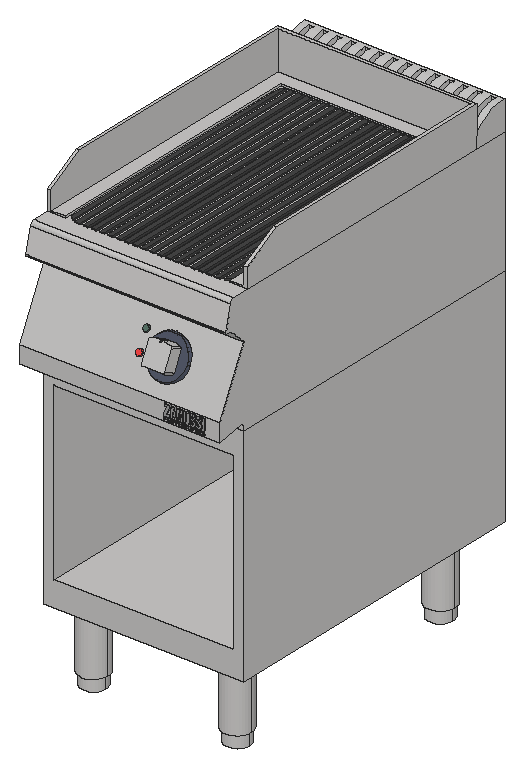
Revit family "QF_ZANUSSI_372342_Z7IILDBLMCA", category Specialty Equipment, Revit 2018
Family settings
  Round Connector Dimension = Use Diameter
  Part Type = Normal
  Work Plane-Based = No
  Always vertical = Yes
  Cut with Voids When Loaded = No
  Shared = No
  Room Calculation Point = No
Parameters (values of type "Standard")
  Weight = 50.00 kg
  Watts = 0 W
  Volts = 400 V
  URL Manufacturer = "http://www.zanussiprofessional.com"
  URL = "http://www.zanussiprofessional.com"
  Steam Supply Size = 0"
  Steam Supply Minimum Pressure = 0.00 psi
  Steam Supply Maximum Pressure = 0.00 psi
  Steam Pounds per Hour = 0
  Show Logo [instance] = yes
  Show Clearance [instance] = yes
  Refrigeration Suction Line Size = 0"
  Refrigeration Liquid Line Size = 0"
  Refrigerant Compressor Remote = yes
  Phase = 3
  Model = "Z7IILDBLMCA"
  Manufacturer = "Zanussi"
  Length Actual = 400.00 mm  # constant formula
  Item Number = "372342"
  Hot Water Size = 0"
  Height Actual = 850.00 mm  # constant formula
  HP = "5.6 HP"
  Gas Size = 0"
  Gas KW = 0
  Gas Input Pressure = 0.0 Btu/h
  Direct Waste Size = 0"
  Description = "ELECTRIC FRY TOP-RIBBED PLATE+OPEN BASE 400MM-BRUSHED CHROME"
  Depth Actual = 700.00 mm  # constant formula
  Cycle = 60 Hz
  Condensate Return Size = 0"
  Compressed Air Volume = 0 GPM
  Compressed Air Size = 0"
  Compressed Air Pressure = 0.00 psi
  Cold Water Size = 0"
  Assembly Code = ""
  Accessory = yes
Reference planes
  plane 1 "BACK": y = 0
  plane 2: z = 0
  plane 3 "LEFT": x = 0
  plane 4 "RIGHT": x = 400
  plane 5 "FRONT": y = -715
  plane 6 "TOP": z = 288.925
  plane 7 "Center Y": x = 200
  plane 8 "Center X": y = -357.5
  plane 9 "BASE": z = 600
  plane 10 "TOP A": z = 850
  plane 11: y = -597.884
  plane 12: y = -147.637
  plane 13: z = 930
  plane 14: through (-6096, -715, 65.146) normal (0, 0.8956, -0.4448)
  plane 15 "panel": through (-6096, -655.161, 185.641) normal (0, -0.8956, 0.4448)
  plane 16: z = 850
Forms (mm)
  Extrusion 1, solid, material "QF_Finishes_Stainless Steel"
    sketch origin (0, 0, 576) x (0, 1, 0) y (0, 0, 1)
      loop
        line (0, 24) -> (0, 273) -> (-679.358, 273)
        arc (-679.358, 273) -> (-684.643, 270.811) -> (-686.833, 265.526) r 7.474
        line (-686.833, 265.526) -> (-699.884, 220.011)
        arc (-699.884, 220.011) -> (-699.396, 217.379) -> (-697, 216.184) r 3
        line (-697, 216.184) -> (-686.802, 216.184) -> (-654.982, 184.364) -> (-715, 64.508) -> (-715, 29.508) -> (-658.645, 37.428)
        arc (-658.645, 37.428) -> (-656.101, 36.674) -> (-655, 34.259) r 3.2
        line (-655, 34.259) -> (-655, 24) -> (0, 24)
    from 0 to 400
  Extrusion 2, void
    sketch origin (0, -2.381, 850) x (-1, 0, 0) y (0, -1, 0)
      loop
        arc (-60.425, 102.504) -> (-42.464, 109.943) -> (-35.025, 127.904) r 25.4
        line (-35.025, 127.904) -> (-35.025, 617.104)
        arc (-35.025, 617.104) -> (-42.464, 635.064) -> (-60.425, 642.504) r 25.4
        line (-60.425, 642.504) -> (-339.575, 642.504)
        arc (-339.575, 642.504) -> (-357.536, 635.064) -> (-364.975, 617.104) r 25.4
        line (-364.975, 617.104) -> (-364.975, 127.904)
        arc (-364.975, 127.904) -> (-357.536, 109.943) -> (-339.575, 102.504) r 25.4
        line (-339.575, 102.504) -> (-60.425, 102.504)
    from 0 to -3.2
  Extrusion 3, solid, material "QF_Finishes_Clearance", visible <- "Show Clearance", detail levels coarse
    sketch origin (0, 0, 575) x (1, 0, 0) y (0, 1, 0)
      loop
        line (0, -715) -> (0, 0) -> (400, 0) -> (400, -715) -> (500, -715) -> (500, 100) -> (-100, 100) -> (-100, -715) -> (0, -715)
    from -575 to 355
  Extrusion 4, solid, material "QF_Finishes_Stainless Steel"
    sketch origin (0, 0, 576) x (0, 1, 0) y (0, 0, 1)
      loop
        line (0, 274) -> (0, 333.13)
        arc (0, 333.13) -> (-38.824, 324.814) -> (-69.85, 300.038) r 86.548
        line (-69.85, 300.038) -> (-69.85, 274) -> (0, 274)
    from 0 to 400.05
  Extrusion 5, void
    sketch origin (0, 0, 850.638) x (-1, 0, 0) y (0, -1, 0)
      loop
        line (-13.453, 6.761) -> (-13.453, 63.911) -> (-22.749, 63.911) -> (-22.749, 6.761) -> (-13.453, 6.761)
    from 25.4 to 63.5
  Extrusion 6, void
    sketch origin (400.05, 0, 850.638) x (1, 0, 0) y (0, 1, 0)
      loop
        line (-13.503, -6.761) -> (-22.799, -6.761) -> (-22.799, -63.911) -> (-13.503, -63.911) -> (-13.503, -6.761)
    from 25.4 to 63.5
  Extrusion 7, void
    sketch origin (27.988, 0, 850.638) x (-1, 0, 0) y (0, -1, 0)
      loop
        line (-13.453, 6.761) -> (-13.453, 63.911) -> (-22.749, 63.911) -> (-22.749, 6.761) -> (-13.453, 6.761)
    from 25.4 to 63.5
  Extrusion 8, void
    sketch origin (55.977, 0, 850.638) x (-1, 0, 0) y (0, -1, 0)
      loop
        line (-13.453, 6.761) -> (-13.453, 63.911) -> (-22.749, 63.911) -> (-22.749, 6.761) -> (-13.453, 6.761)
    from 25.4 to 63.5
  Extrusion 9, void
    sketch origin (83.965, 0, 850.638) x (-1, 0, 0) y (0, -1, 0)
      loop
        line (-13.428, 6.761) -> (-13.428, 63.911) -> (-22.724, 63.911) -> (-22.724, 6.761) -> (-13.428, 6.761)
    from 25.4 to 63.5
  Extrusion 10, void
    sketch origin (111.953, 0, 850.638) x (-1, 0, 0) y (0, -1, 0)
      loop
        line (-13.428, 6.761) -> (-13.428, 63.911) -> (-22.724, 63.911) -> (-22.724, 6.761) -> (-13.428, 6.761)
    from 25.4 to 63.5
  Extrusion 11, void
    sketch origin (139.942, 0, 850.638) x (-1, 0, 0) y (0, -1, 0)
      loop
        line (-13.428, 6.761) -> (-13.428, 63.911) -> (-22.724, 63.911) -> (-22.724, 6.761) -> (-13.428, 6.761)
    from 25.4 to 63.5
  Extrusion 12, void
    sketch origin (167.93, 0, 850.638) x (-1, 0, 0) y (0, -1, 0)
      loop
        line (-13.428, 6.761) -> (-13.428, 63.911) -> (-22.724, 63.911) -> (-22.724, 6.761) -> (-13.428, 6.761)
    from 25.4 to 63.5
  Extrusion 13, void
    sketch origin (195.918, 0, 850.638) x (-1, 0, 0) y (0, -1, 0)
      loop
        line (-13.428, 6.761) -> (-13.428, 63.911) -> (-22.724, 63.911) -> (-22.724, 6.761) -> (-13.428, 6.761)
    from 25.4 to 63.5
  Extrusion 14, void
    sketch origin (223.907, 0, 850.638) x (-1, 0, 0) y (0, -1, 0)
      loop
        line (-13.428, 6.761) -> (-13.428, 63.911) -> (-22.724, 63.911) -> (-22.724, 6.761) -> (-13.428, 6.761)
    from 25.4 to 63.5
  Extrusion 15, void
    sketch origin (251.895, 0, 850.638) x (-1, 0, 0) y (0, -1, 0)
      loop
        line (-13.428, 6.761) -> (-13.428, 63.911) -> (-22.724, 63.911) -> (-22.724, 6.761) -> (-13.428, 6.761)
    from 25.4 to 63.5
  Extrusion 16, void
    sketch origin (279.884, 0, 850.638) x (-1, 0, 0) y (0, -1, 0)
      loop
        line (-13.403, 6.761) -> (-13.403, 63.911) -> (-22.699, 63.911) -> (-22.699, 6.761) -> (-13.403, 6.761)
    from 25.4 to 63.5
  Extrusion 17, void
    sketch origin (307.872, 0, 850.638) x (-1, 0, 0) y (0, -1, 0)
      loop
        line (-13.403, 6.761) -> (-13.403, 63.911) -> (-22.699, 63.911) -> (-22.699, 6.761) -> (-13.403, 6.761)
    from 25.4 to 63.5
  Extrusion 18, void
    sketch origin (335.86, 0, 850.638) x (-1, 0, 0) y (0, -1, 0)
      loop
        line (-13.403, 6.761) -> (-13.403, 63.911) -> (-22.699, 63.911) -> (-22.699, 6.761) -> (-13.403, 6.761)
    from 25.4 to 63.5
  Sweep 19, solid, material "QF_Finishes_Stainless Steel"
    path origin (0, -2.381, 850) x (-1, 0, 0) y (0, -1, 0)
      loop
        line (-364.975, 642.504) -> (-364.975, 102.504) -> (-35.025, 102.504) -> (-35.025, 642.504)
    profile origin (35.025, -374.885, 850) x (1, 0, 0) y (0, 0, 1)
      loop
        line (-35.025, 0) -> (0, 0) -> (0, 3.175) -> (-28.675, 3.175) -> (-28.675, 80) -> (-35.025, 80) -> (-35.025, 0)
  Extrusion 20, void
    sketch origin (0, -69.86, 850) x (0, 1, 0) y (0, 0, 1)
      loop
        line (-575.025, 40.481) -> (-501.995, 80) -> (-575.025, 80) -> (-575.025, 40.481)
    from 0 to 6.35
  Extrusion 21, void
    sketch origin (400, -644.885, 850) x (0, -1, 0) y (0, 0, 1)
      loop
        line (0, 40.481) -> (0, 80) -> (-73.03, 80) -> (0, 40.481)
    from 0 to 6.35
  Extrusion 22, solid, material "QF_Finishes_Black"
    sketch origin (12.5, -715, 576) x (1, 0, 0) y (0, 0, 1)
      loop
        line (51.525, 274) -> (42.525, 274) -> (42.525, 270.8) -> (51.525, 270.8) -> (51.525, 274)
    from -610.115 to -70.115
  Extrusion 23, solid, material "QF_Finishes_Black"
    sketch origin (29, -715, 576) x (1, 0, 0) y (0, 0, 1)
      loop
        line (51.525, 274) -> (42.525, 274) -> (42.525, 270.8) -> (51.525, 270.8) -> (51.525, 274)
    from -610.115 to -70.115
  Extrusion 24, solid, material "QF_Finishes_Black"
    sketch origin (45.5, -715, 576) x (1, 0, 0) y (0, 0, 1)
      loop
        line (51.525, 274) -> (42.525, 274) -> (42.525, 270.8) -> (51.525, 270.8) -> (51.525, 274)
    from -610.115 to -70.115
  Extrusion 25, solid, material "QF_Finishes_Black"
    sketch origin (62, -715, 576) x (1, 0, 0) y (0, 0, 1)
      loop
        line (51.5, 274) -> (42.5, 274) -> (42.5, 270.8) -> (51.5, 270.8) -> (51.5, 274)
    from -610.115 to -70.115
  Extrusion 26, solid, material "QF_Finishes_Black"
    sketch origin (78.5, -715, 576) x (1, 0, 0) y (0, 0, 1)
      loop
        line (51.5, 274) -> (42.5, 274) -> (42.5, 270.8) -> (51.5, 270.8) -> (51.5, 274)
    from -610.115 to -70.115
  Extrusion 27, solid, material "QF_Finishes_Black"
    sketch origin (95, -715, 576) x (1, 0, 0) y (0, 0, 1)
      loop
        line (51.5, 274) -> (42.5, 274) -> (42.5, 270.8) -> (51.5, 270.8) -> (51.5, 274)
    from -610.115 to -70.115
  Extrusion 28, solid, material "QF_Finishes_Black"
    sketch origin (111.5, -715, 576) x (1, 0, 0) y (0, 0, 1)
      loop
        line (51.5, 274) -> (42.5, 274) -> (42.5, 270.8) -> (51.5, 270.8) -> (51.5, 274)
    from -610.115 to -70.115
  Extrusion 29, solid, material "QF_Finishes_Black"
    sketch origin (128, -715, 576) x (1, 0, 0) y (0, 0, 1)
      loop
        line (51.5, 274) -> (42.5, 274) -> (42.5, 270.8) -> (51.5, 270.8) -> (51.5, 274)
    from -610.115 to -70.115
  Extrusion 30, solid, material "QF_Finishes_Black"
    sketch origin (144.5, -715, 576) x (1, 0, 0) y (0, 0, 1)
      loop
        line (51.5, 274) -> (42.5, 274) -> (42.5, 270.8) -> (51.5, 270.8) -> (51.5, 274)
    from -610.115 to -70.115
  Extrusion 31, solid, material "QF_Finishes_Black"
    sketch origin (161, -715, 576) x (1, 0, 0) y (0, 0, 1)
      loop
        line (51.5, 274) -> (42.5, 274) -> (42.5, 270.8) -> (51.5, 270.8) -> (51.5, 274)
    from -610.115 to -70.115
  Extrusion 32, solid, material "QF_Finishes_Black"
    sketch origin (177.5, -715, 576) x (1, 0, 0) y (0, 0, 1)
      loop
        line (51.5, 274) -> (42.5, 274) -> (42.5, 270.8) -> (51.5, 270.8) -> (51.5, 274)
    from -610.115 to -70.115
  Extrusion 33, solid, material "QF_Finishes_Black"
    sketch origin (194, -715, 576) x (1, 0, 0) y (0, 0, 1)
      loop
        line (51.5, 274) -> (42.5, 274) -> (42.5, 270.8) -> (51.5, 270.8) -> (51.5, 274)
    from -610.115 to -70.115
  Extrusion 34, solid, material "QF_Finishes_Black"
    sketch origin (210.5, -715, 576) x (1, 0, 0) y (0, 0, 1)
      loop
        line (51.5, 274) -> (42.5, 274) -> (42.5, 270.8) -> (51.5, 270.8) -> (51.5, 274)
    from -610.115 to -70.115
  Extrusion 35, solid, material "QF_Finishes_Black"
    sketch origin (227, -715, 576) x (1, 0, 0) y (0, 0, 1)
      loop
        line (51.5, 274) -> (42.5, 274) -> (42.5, 270.8) -> (51.5, 270.8) -> (51.5, 274)
    from -610.115 to -70.115
  Extrusion 36, solid, material "QF_Finishes_Black"
    sketch origin (243.5, -715, 576) x (1, 0, 0) y (0, 0, 1)
      loop
        line (51.5, 274) -> (42.5, 274) -> (42.5, 270.8) -> (51.5, 270.8) -> (51.5, 274)
    from -610.115 to -70.115
  Extrusion 37, solid, material "QF_Finishes_Black"
    sketch origin (260, -715, 576) x (1, 0, 0) y (0, 0, 1)
      loop
        line (51.475, 274) -> (42.475, 274) -> (42.475, 270.8) -> (51.475, 270.8) -> (51.475, 274)
    from -610.115 to -70.115
  Extrusion 38, solid, material "QF_Finishes_Black"
    sketch origin (276.5, -715, 576) x (1, 0, 0) y (0, 0, 1)
      loop
        line (51.475, 274) -> (42.475, 274) -> (42.475, 270.8) -> (51.475, 270.8) -> (51.475, 274)
    from -610.115 to -70.115
  Extrusion 39, solid, material "QF_Finishes_Black"
    sketch origin (293, -715, 576) x (1, 0, 0) y (0, 0, 1)
      loop
        line (51.475, 274) -> (42.475, 274) -> (42.475, 270.8) -> (51.475, 270.8) -> (51.475, 274)
    from -610.115 to -70.115
  Extrusion 40, solid, material "QF_Finishes_Black"
    sketch origin (-1000, 0, 575.362) x (1, 0, 0) y (0, 1, 0)
      loop
        line (1047.525, -641.365) -> (1047.525, -108.404)
        arc (1047.525, -108.404) -> (1042.451, -112.338) -> (1038.525, -117.418) r 25.4
        line (1038.525, -117.418) -> (1038.525, -632.351)
        arc (1038.525, -632.351) -> (1042.451, -637.432) -> (1047.525, -641.365) r 25.4
      loop
        arc (1351.975, -641.652) -> (1356.999, -637.966) -> (1360.975, -633.167) r 25.4
        line (1360.975, -633.167) -> (1360.975, -116.603)
        arc (1360.975, -116.603) -> (1356.999, -111.804) -> (1351.975, -108.117) r 25.4
        line (1351.975, -108.117) -> (1351.975, -641.652)
    from 271.438 to 274.638
  Blend 41, solid, material "QF_Finishes_Navy Blue"
    base sketch origin (275, -684.991, 701.574) x (1, 0, 0) y (0, 0.444781, 0.895639)
      loop
        circle (0, 0) r 42.5
    top sketch origin (275, -684.991, 701.574) x (1, 0, 0) y (0, 0.444781, 0.895639)
      loop
        circle (0, 0) r 40.5
    from 0 to 5
  Extrusion 42, solid, material "QF_Finishes_Stainless Steel"
    sketch origin (275, -684.991, 701.574) x (1, 0, 0) y (0, 0.444781, 0.895639)
      loop
        arc (-21.147, 22.789) -> (-22.494, 21.685) -> (-23, 20.019) r 2.997
        line (-23, 20.019) -> (-23, -20.019)
        arc (-23, -20.019) -> (-22.122, -22.138) -> (-20.003, -23.016) r 2.997
        line (-20.003, -23.016) -> (20.003, -23.016)
        arc (20.003, -23.016) -> (22.122, -22.138) -> (23, -20.019) r 2.997
        line (23, -20.019) -> (23, 20.019)
        arc (23, 20.019) -> (22.494, 21.685) -> (21.147, 22.789) r 2.997
        arc (21.147, 22.789) -> (0, 26.984) -> (-21.147, 22.789) r 55.4
    from 10 to 34
  Extrusion 43, solid, material "QF_Plastic-Black-Matte"
    sketch origin (355, -684.991, 701.574) x (0, 0.444781, 0.895639) y (0, -0.895639, 0.444781)
      loop
        line (26.984, 34) -> (26.984, 19) -> (27.984, 19) -> (27.984, 34)
        arc (27.984, 34) -> (27.691, 34.707) -> (26.984, 35) r 1
        line (26.984, 35) -> (23.984, 35) -> (23.984, 34) -> (26.984, 34)
    from -81 to -79
  Extrusion 44, solid, material "QF_Finishes_Red"
    sketch origin (275, -689.439, 692.617) x (1, 0, 0) y (0, 0.444781, 0.895639)
      loop
        circle (-55.001, 0) r 6
    from 0 to 1.6
  Extrusion 45, solid, material "QF_Finishes_Stainless Steel"
    sketch origin (275, -684.991, 701.574) x (1, 0, 0) y (0, 0.444781, 0.895639)
      loop
        line (17.5, 17.5) -> (-17.5, 17.5) -> (-17.5, -17.5) -> (17.5, -17.5) -> (17.5, 17.5)
    from 5 to 10
  Extrusion 46, solid, material "QF_Finishes_DarkGreen"
    sketch origin (275, -671.648, 728.443) x (1, 0, 0) y (0, 0.444781, 0.895639)
      loop
        circle (-55.001, 0) r 6
    from 0 to 1.6
  Extrusion 47, solid, material "QF_Finishes_Stainless Steel"
    sketch origin (-399.95, 0, 139) x (1, 0, 0) y (0, 1, 0)
      loop
        circle (748, -29) r 10
      loop
        circle (748, -506) r 10
    from 0 to 10
  Extrusion 48, solid, material "QF_Finishes_Stainless Steel"
    sketch origin (0, 0, 0) x (1, 0, 0) y (0, 1, 0)
      loop
        line (0, 0) -> (0, -655) -> (400, -655) -> (400, 0) -> (0, 0)
    from 149 to 600
  Extrusion 49, void
    sketch origin (418.77, -655, 0) x (1, 0, 0) y (0, 0, -1)
      loop
        line (-398.77, -199) -> (-398.77, -550) -> (-38.77, -550) -> (-38.77, -199) -> (-398.77, -199)
    from 0 to 507.363
Cuts and joins
  Extrusion 2 cuts Extrusion 1
  Extrusion 5, Extrusion 6, Extrusion 7, Extrusion 8, Extrusion 9, Extrusion 10, Extrusion 11, Extrusion 12, Extrusion 13, Extrusion 14, Extrusion 15, Extrusion 16, Extrusion 17, Extrusion 18 cuts Extrusion 4
  Extrusion 20, Extrusion 21 cuts Sweep 19
  Extrusion 49 cuts Extrusion 48
Lines and regions (mm)
  Split face 1
    outline origin (276.664, -684.796, 713.208) x (1, 0, 0) y (0, 0.444781, 0.895639)
      loop
        circle (-34, 0) r 1.5
  Split face 2
    outline origin (273.297, -687.581, 707.6) x (1, 0, 0) y (0, 0.444781, 0.895639)
      loop
        circle (-30.633, -14.752) r 1.5
  Split face 3
    outline origin (276.214, -689.88, 702.97) x (1, 0, 0) y (0, 0.444781, 0.895639)
      loop
        circle (-21.199, -26.582) r 1.5
  Split face 4
    outline origin (282.566, -689.848, 703.034) x (1, 0, 0) y (0, 0.444781, 0.895639)
      loop
        circle (-7.566, -33.148) r 1.5
  Split face 5
    outline origin (287.419, -686.96, 708.85) x (1, 0, 0) y (0, 0.444781, 0.895639)
      loop
        circle (7.566, -33.148) r 1.5
  Split face 6
    outline origin (286.137, -682.319, 718.196) x (1, 0, 0) y (0, 0.444781, 0.895639)
      loop
        circle (21.199, -26.582) r 1.5
  Split face 7
    outline origin (276.5, -678.264, 726.361) x (1, 0, 0) y (0, 0.444781, 0.895639)
      loop
        circle (30.633, -14.752) r 1.5
  Split face 8
    outline origin (260.985, -677.235, 728.433) x (1, 0, 0) y (0, 0.444781, 0.895639)
      loop
        circle (34, 0) r 1.5
  Split face 9
    outline origin (275, -689.469, 703.797) x (1, 0, 0) y (0, 0.444781, 0.895639)
      loop
        circle (0, 33.561) r 1.5
  symbolic lines, style "QF-Clearances", visible <- "Show Clearance", detail levels coarse
    curve 1: line (-100, 100, 850) -> (-100, -715, 850)
    curve 2: line (500, 100, 850) -> (-100, 100, 850)
    curve 3: line (500, -716.377, 850) -> (500, 100, 850)
  symbolic lines
    curve 4: line (0, 0, 850) -> (400, 0, 850)
    curve 5: line (0, -715, 850) -> (0, 0, 850)
    curve 6: line (400, 0, 850) -> (400, -715, 850)
    curve 7: line (35.025, -130.285, 850) -> (35.025, -644.885, 850)
    curve 8: arc (35.025, -619.485, 850) -> (42.464, -637.445, 850) -> (60.425, -644.885, 850) r 25.4
    curve 9: line (0, -644.885, 850) -> (35.025, -644.885, 850)
    curve 10: arc (339.575, -644.885, 850) -> (357.536, -637.445, 850) -> (364.975, -619.485, 850) r 25.4
    curve 11: line (364.975, -644.885, 850) -> (364.975, -130.285, 850)
    curve 12: line (339.575, -104.885, 850) -> (60.425, -104.885, 850)
    curve 13: line (0, -69.85, 850) -> (400, -69.85, 850)
    curve 14: arc (60.425, -104.885, 850) -> (42.464, -112.324, 850) -> (35.025, -130.285, 850) r 25.4
    curve 15: arc (339.575, -104.885, 850) -> (357.536, -112.324, 850) -> (364.975, -130.285, 850) r 25.4
    curve 16: line (6.35, -76.21, 850) -> (6.35, -644.885, 850)
    curve 17: line (6.35, -76.21, 850) -> (393.65, -76.21, 850)
    curve 18: line (393.65, -76.21, 850) -> (393.65, -644.885, 850)
    curve 19: line (13.428, -6.761, 850) -> (22.724, -6.761, 850)
    curve 20: line (13.428, -63.911, 850) -> (13.428, -6.761, 850)
    curve 21: line (22.724, -63.911, 850) -> (13.428, -63.911, 850)
    curve 22: line (22.724, -6.761, 850) -> (22.724, -63.911, 850)
    curve 23: line (41.416, -6.761, 850) -> (50.712, -6.761, 850)
    curve 24: line (41.416, -63.911, 850) -> (41.416, -6.761, 850)
    curve 25: line (50.712, -63.911, 850) -> (41.416, -63.911, 850)
    curve 26: line (50.712, -6.761, 850) -> (50.712, -63.911, 850)
    curve 27: line (69.405, -6.761, 850) -> (78.7, -6.761, 850)
    curve 28: line (69.405, -63.911, 850) -> (69.405, -6.761, 850)
    curve 29: line (78.7, -63.911, 850) -> (69.405, -63.911, 850)
    curve 30: line (78.7, -6.761, 850) -> (78.7, -63.911, 850)
    curve 31: line (97.393, -6.761, 850) -> (106.689, -6.761, 850)
    curve 32: line (97.393, -63.911, 850) -> (97.393, -6.761, 850)
    curve 33: line (106.689, -63.911, 850) -> (97.393, -63.911, 850)
    curve 34: line (106.689, -6.761, 850) -> (106.689, -63.911, 850)
    curve 35: line (125.381, -6.761, 850) -> (134.677, -6.761, 850)
    curve 36: line (125.381, -63.911, 850) -> (125.381, -6.761, 850)
    curve 37: line (134.677, -63.911, 850) -> (125.381, -63.911, 850)
    curve 38: line (134.677, -6.761, 850) -> (134.677, -63.911, 850)
    curve 39: line (153.37, -6.761, 850) -> (162.665, -6.761, 850)
    curve 40: line (153.37, -63.911, 850) -> (153.37, -6.761, 850)
    curve 41: line (162.665, -63.911, 850) -> (153.37, -63.911, 850)
    curve 42: line (162.665, -6.761, 850) -> (162.665, -63.911, 850)
    curve 43: line (181.358, -6.761, 850) -> (190.654, -6.761, 850)
    curve 44: line (181.358, -63.911, 850) -> (181.358, -6.761, 850)
    curve 45: line (190.654, -63.911, 850) -> (181.358, -63.911, 850)
    curve 46: line (190.654, -6.761, 850) -> (190.654, -63.911, 850)
    curve 47: line (209.346, -6.761, 850) -> (218.642, -6.761, 850)
    curve 48: line (209.346, -63.911, 850) -> (209.346, -6.761, 850)
    curve 49: line (218.642, -63.911, 850) -> (209.346, -63.911, 850)
    curve 50: line (218.642, -6.761, 850) -> (218.642, -63.911, 850)
    curve 51: line (237.31, -6.761, 850) -> (246.605, -6.761, 850)
    curve 52: line (237.31, -63.911, 850) -> (237.31, -6.761, 850)
    curve 53: line (246.605, -63.911, 850) -> (237.31, -63.911, 850)
    curve 54: line (246.605, -6.761, 850) -> (246.605, -63.911, 850)
    curve 55: line (265.298, -6.761, 850) -> (274.594, -6.761, 850)
    curve 56: line (265.298, -63.911, 850) -> (265.298, -6.761, 850)
    curve 57: line (274.594, -63.911, 850) -> (265.298, -63.911, 850)
    curve 58: line (274.594, -6.761, 850) -> (274.594, -63.911, 850)
    curve 59: line (293.286, -6.761, 850) -> (302.582, -6.761, 850)
    curve 60: line (293.286, -63.911, 850) -> (293.286, -6.761, 850)
    curve 61: line (302.582, -63.911, 850) -> (293.286, -63.911, 850)
    curve 62: line (302.582, -6.761, 850) -> (302.582, -63.911, 850)
    curve 63: line (321.275, -6.761, 850) -> (330.57, -6.761, 850)
    curve 64: line (321.275, -63.911, 850) -> (321.275, -6.761, 850)
    curve 65: line (330.57, -63.911, 850) -> (321.275, -63.911, 850)
    curve 66: line (330.57, -6.761, 850) -> (330.57, -63.911, 850)
    curve 67: line (349.263, -6.761, 850) -> (358.559, -6.761, 850)
    curve 68: line (349.263, -63.911, 850) -> (349.263, -6.761, 850)
    curve 69: line (358.559, -63.911, 850) -> (349.263, -63.911, 850)
    curve 70: line (358.559, -6.761, 850) -> (358.559, -63.911, 850)
    curve 71: line (377.251, -6.761, 850) -> (386.547, -6.761, 850)
    curve 72: line (377.251, -63.911, 850) -> (377.251, -6.761, 850)
    curve 73: line (386.547, -63.911, 850) -> (377.251, -63.911, 850)
    curve 74: line (386.547, -6.761, 850) -> (386.547, -63.911, 850)
    curve 75: line (364.975, -644.885, 850) -> (400, -644.885, 850)
    curve 76: line (60.425, -644.885, 850) -> (339.575, -644.885, 850)
    curve 77: line (0.05, -700, 0) -> (400, -700, 0)
    curve 78: line (298.025, -700, 0) -> (298.025, -724.347, 0)
    curve 79: arc (298.025, -724.347, 0) -> (297.879, -724.811, 0) -> (297.493, -725.107, 0) r 0.809
    curve 80: arc (297.493, -725.107, 0) -> (296.305, -725.587, 0) -> (295.028, -725.68, 0) r 4.127
    curve 81: arc (298.025, -704.292, 0) -> (303.066, -702.458, 0) -> (307.834, -700, 0) r 42.24
    curve 82: arc (298.025, -706.539, 0) -> (297.523, -705.818, 0) -> (296.726, -705.448, 0) r 1.682
    curve 83: arc (296.726, -705.448, 0) -> (286.423, -703.95, 0) -> (276.025, -703.441, 0) r 109.079
    curve 84: line (276.025, -700, 0) -> (276.025, -705.671, 0)
    curve 85: line (276.025, -705.671, 0) -> (274.025, -705.671, 0)
    curve 86: line (274.025, -705.671, 0) -> (274.025, -700, 0)
    curve 87: line (252.025, -700, 0) -> (252.025, -724.347, 0)
    curve 88: arc (252.025, -724.347, 0) -> (252.171, -724.811, 0) -> (252.557, -725.107, 0) r 0.809
    curve 89: arc (252.557, -725.107, 0) -> (253.745, -725.587, 0) -> (255.022, -725.68, 0) r 4.127
    curve 90: arc (252.025, -704.292, 0) -> (246.984, -702.458, 0) -> (242.216, -700, 0) r 42.24
    curve 91: arc (252.025, -706.539, 0) -> (252.527, -705.818, 0) -> (253.324, -705.448, 0) r 1.682
    curve 92: arc (253.324, -705.448, 0) -> (263.627, -703.95, 0) -> (274.025, -703.441, 0) r 109.079
    curve 93: line (295.028, -725.68, 0) -> (255.022, -725.68, 0)
    curve 94: line (0, -715, 0) -> (252.025, -715, 0)
    curve 95: line (298.025, -715, 0) -> (400, -715, 0)
    curve 98: line (76.025, -104.885, 0) -> (76.025, -644.885, 0)
    curve 99: line (60.425, -104.885, 0) -> (60.425, -644.885, 0)
    curve 100: line (42.464, -112.324, 0) -> (42.464, -637.445, 0)
    curve 101: line (92.525, -104.885, 0) -> (92.525, -644.885, 0)
    curve 102: line (109, -104.885, 0) -> (109, -644.885, 0)
    curve 103: line (125.5, -104.885, 0) -> (125.5, -644.885, 0)
    curve 104: line (142, -104.885, 0) -> (142, -644.885, 0)
    curve 105: line (158.5, -104.885, 0) -> (158.5, -644.885, 0)
    curve 106: line (175, -104.885, 0) -> (175, -644.885, 0)
    curve 107: line (191.5, -104.885, 0) -> (191.5, -644.885, 0)
    curve 108: line (208, -104.885, 0) -> (208, -644.885, 0)
    curve 109: line (224.5, -104.885, 0) -> (224.5, -644.885, 0)
    curve 110: line (241, -104.885, 0) -> (241, -644.885, 0)
    curve 111: line (257.5, -104.885, 0) -> (257.5, -644.885, 0)
    curve 112: line (274, -104.885, 0) -> (274, -644.885, 0)
    curve 113: line (290.5, -104.885, 0) -> (290.5, -644.885, 0)
    curve 114: line (306.975, -104.885, 0) -> (306.975, -644.885, 0)
    curve 115: line (323.475, -104.885, 0) -> (323.475, -644.885, 0)
    curve 116: line (339.575, -104.885, 0) -> (339.575, -644.885, 0)
    curve 117: line (356.999, -111.804, 0) -> (356.999, -637.966, 0)
  symbolic lines, style "QF-Clearances"
    curve 96: line (-100, -715, 0) -> (0, -715, 0)
    curve 97: line (400, -715, 0) -> (500, -715, 0)
Dimensions and locks
  equal spacing: plane 3 "LEFT", plane 7 "Center Y", plane 4 "RIGHT"
  plane 3 "LEFT" to plane 4 "RIGHT" = 400.00 mm
  equal spacing: plane 5 "FRONT", plane 8 "Center X", plane 1 "BACK"
  plane 5 "FRONT" to plane 1 "BACK" = 715.00 mm
  plane 1 "BACK" to plane 5 "FRONT" = 715.00 mm
  Sweep 19 sketch curve to level = 930.00 mm
  plane 10 "TOP A" to plane 9 "BASE" = 250.00 mm  (x2)
  plane 9 "BASE" to level = 600.00 mm
  plane 13 to level = 930.00 mm
  plane 16 to level = 850.00 mm
  nested 3 to plane 3 "LEFT" = 56.00 mm
  nested 4 to nested 3 = 288.00 mm
  cut or joined group of Extrusion 48, Extrusion 49 to Extrusion 3 = 149.00 mm
  plane 16 to cut or joined group of Extrusion 48, Extrusion 49 = 701.00 mm
  aligned and locked: level to plane 2
  aligned and locked: plane 4 "RIGHT" to Extrusion 1
  aligned: plane 6 "TOP" to Extrusion 3
  aligned and locked: plane 13 to Extrusion 3
Automatic sketch dimensions
  plane 1 "BACK" to Extrusion 9 sketch curve = 6.761 mm
  Extrusion 9 sketch curve to plane 7 "Center Y" = 93.311 mm
  Extrusion 9 sketch curve to Extrusion 9 sketch curve = 9.296 mm
  Extrusion 9 sketch curve to Extrusion 9 sketch curve = 57.15 mm
  plane 1 "BACK" to Extrusion 10 sketch curve = 6.761 mm
  Extrusion 10 sketch curve to plane 7 "Center Y" = 65.323 mm
  Extrusion 10 sketch curve to Extrusion 10 sketch curve = 9.296 mm
  Extrusion 10 sketch curve to Extrusion 10 sketch curve = 57.15 mm
  plane 1 "BACK" to Extrusion 11 sketch curve = 6.761 mm
  Extrusion 11 sketch curve to plane 7 "Center Y" = 37.335 mm
  Extrusion 11 sketch curve to Extrusion 11 sketch curve = 9.296 mm
  Extrusion 11 sketch curve to Extrusion 11 sketch curve = 57.15 mm
  Extrusion 12 sketch curve to plane 7 "Center Y" = 9.346 mm
  Extrusion 12 sketch curve to Extrusion 12 sketch curve = 9.296 mm
  plane 1 "BACK" to Extrusion 12 sketch curve = 6.761 mm
  Extrusion 12 sketch curve to Extrusion 12 sketch curve = 57.15 mm
  plane 1 "BACK" to Extrusion 13 sketch curve = 6.761 mm
  plane 7 "Center Y" to Extrusion 13 sketch curve = 18.642 mm
  Extrusion 13 sketch curve to Extrusion 13 sketch curve = 9.296 mm
  Extrusion 13 sketch curve to Extrusion 13 sketch curve = 57.15 mm
  plane 1 "BACK" to Extrusion 14 sketch curve = 6.761 mm
  plane 7 "Center Y" to Extrusion 14 sketch curve = 46.63 mm
  Extrusion 14 sketch curve to Extrusion 14 sketch curve = 9.296 mm
  Extrusion 14 sketch curve to Extrusion 14 sketch curve = 57.15 mm
  plane 1 "BACK" to Extrusion 15 sketch curve = 6.761 mm
  plane 7 "Center Y" to Extrusion 15 sketch curve = 74.619 mm
  Extrusion 15 sketch curve to Extrusion 15 sketch curve = 9.296 mm
  Extrusion 15 sketch curve to Extrusion 15 sketch curve = 57.15 mm
  Extrusion 2 sketch curve to plane 4 "RIGHT" = 35.025 mm
  Extrusion 2 sketch curve to Extrusion 2 sketch curve = 25.40 mm  (x3)
  Extrusion 2 sketch curve to plane 12 = 17.353 mm
  plane 3 "LEFT" to Extrusion 2 sketch curve = 60.425 mm  (x2)
  plane 11 to Extrusion 2 sketch curve = 21.60 mm
  plane 1 "BACK" to Extrusion 3 sketch curve = 0.00 mm
  Extrusion 3 sketch curve to plane 3 "LEFT" = 0.00 mm
  Extrusion 3 sketch curve to plane 4 "RIGHT" = 0.00 mm
  Extrusion 3 sketch curve to plane 3 "LEFT" = 100.00 mm
  plane 5 "FRONT" to Extrusion 3 sketch curve = 0.00 mm  (x2)
  plane 4 "RIGHT" to Extrusion 3 sketch curve = 100.00 mm
  Extrusion 3 sketch curve to plane 1 "BACK" = 100.00 mm
  Extrusion 4 sketch curve to plane 10 "TOP A" = 0.00 mm
  Extrusion 4 sketch curve to plane 1 "BACK" = 0.00 mm
  plane 1 "BACK" to Extrusion 4 sketch curve = 1.769 mm
  plane 6 "TOP" to Extrusion 4 sketch curve = 587.113 mm
  plane 1 "BACK" to Extrusion 4 sketch curve = 69.85 mm
  Extrusion 4 sketch curve to plane 10 "TOP A" = 27.40 mm
  plane 1 "BACK" to Extrusion 5 sketch curve = 6.761 mm
  plane 3 "LEFT" to Extrusion 5 sketch curve = 22.749 mm
  Extrusion 5 sketch curve to Extrusion 5 sketch curve = 9.296 mm
  Extrusion 5 sketch curve to Extrusion 5 sketch curve = 57.15 mm
  Extrusion 6 sketch curve to plane 1 "BACK" = 6.761 mm
  plane 4 "RIGHT" to Extrusion 6 sketch curve = 22.749 mm
  Extrusion 6 sketch curve to Extrusion 6 sketch curve = 9.296 mm
  Extrusion 6 sketch curve to Extrusion 6 sketch curve = 57.15 mm
  plane 1 "BACK" to Extrusion 7 sketch curve = 6.761 mm
  plane 3 "LEFT" to Extrusion 7 sketch curve = 50.737 mm
  Extrusion 7 sketch curve to Extrusion 7 sketch curve = 9.296 mm
  Extrusion 7 sketch curve to Extrusion 7 sketch curve = 57.15 mm
  plane 1 "BACK" to Extrusion 8 sketch curve = 6.761 mm
  plane 3 "LEFT" to Extrusion 8 sketch curve = 78.725 mm
  Extrusion 8 sketch curve to Extrusion 8 sketch curve = 9.296 mm
  Extrusion 8 sketch curve to Extrusion 8 sketch curve = 57.15 mm
  plane 1 "BACK" to Extrusion 16 sketch curve = 6.761 mm
  Extrusion 16 sketch curve to plane 4 "RIGHT" = 97.418 mm
  Extrusion 16 sketch curve to Extrusion 16 sketch curve = 9.296 mm
  Extrusion 16 sketch curve to Extrusion 16 sketch curve = 57.15 mm
  plane 1 "BACK" to Extrusion 17 sketch curve = 6.761 mm
  Extrusion 17 sketch curve to plane 4 "RIGHT" = 69.43 mm
  Extrusion 17 sketch curve to Extrusion 17 sketch curve = 9.296 mm
  Extrusion 17 sketch curve to Extrusion 17 sketch curve = 57.15 mm
  plane 1 "BACK" to Extrusion 18 sketch curve = 6.761 mm
  Extrusion 18 sketch curve to plane 4 "RIGHT" = 41.441 mm
  Extrusion 18 sketch curve to Extrusion 18 sketch curve = 9.296 mm
  Extrusion 18 sketch curve to Extrusion 18 sketch curve = 57.15 mm
  Sweep 19 sketch curve to plane 4 "RIGHT" = 35.025 mm
  plane 3 "LEFT" to Sweep 19 sketch curve = 35.025 mm
  Sweep 19 sketch curve to plane 12 = 42.753 mm
  plane 11 to Sweep 19 sketch curve = 47.00 mm  (x2)
  Extrusion 20 sketch curve to Sweep 19 = 0.00 mm  (x2)
  Extrusion 20 sketch curve to Extrusion 20 sketch curve = 73.03 mm
  Extrusion 20 sketch curve to Sweep 19 = 40.481 mm
  Sweep 19 to Extrusion 21 sketch curve = 0.00 mm
  Extrusion 21 sketch curve to Sweep 19 = 0.00 mm
  Extrusion 21 sketch curve to Extrusion 21 sketch curve = 73.03 mm
  Extrusion 21 sketch curve to Sweep 19 = 40.481 mm
  Extrusion 22 sketch curve to Extrusion 22 sketch curve = 9.00 mm
  Extrusion 22 sketch curve to Extrusion 22 sketch curve = 3.20 mm
  Extrusion 23 sketch curve to Extrusion 23 sketch curve = 9.00 mm
  Extrusion 23 sketch curve to Extrusion 23 sketch curve = 3.20 mm
  Extrusion 24 sketch curve to Extrusion 24 sketch curve = 9.00 mm
  Extrusion 24 sketch curve to Extrusion 24 sketch curve = 3.20 mm
  Extrusion 25 sketch curve to Extrusion 25 sketch curve = 9.00 mm
  Extrusion 25 sketch curve to Extrusion 25 sketch curve = 3.20 mm
  Extrusion 26 sketch curve to Extrusion 26 sketch curve = 9.00 mm
  Extrusion 26 sketch curve to Extrusion 26 sketch curve = 3.20 mm
  Extrusion 27 sketch curve to Extrusion 27 sketch curve = 9.00 mm
  Extrusion 27 sketch curve to Extrusion 27 sketch curve = 3.20 mm
  Extrusion 28 sketch curve to Extrusion 28 sketch curve = 9.00 mm
  Extrusion 28 sketch curve to Extrusion 28 sketch curve = 3.20 mm
  Extrusion 29 sketch curve to Extrusion 29 sketch curve = 9.00 mm
  Extrusion 29 sketch curve to Extrusion 29 sketch curve = 3.20 mm
  Extrusion 30 sketch curve to Extrusion 30 sketch curve = 9.00 mm
  Extrusion 30 sketch curve to Extrusion 30 sketch curve = 3.20 mm
  Extrusion 31 sketch curve to Extrusion 31 sketch curve = 9.00 mm
  Extrusion 31 sketch curve to Extrusion 31 sketch curve = 3.20 mm
  Extrusion 32 sketch curve to Extrusion 32 sketch curve = 9.00 mm
  Extrusion 32 sketch curve to Extrusion 32 sketch curve = 3.20 mm
  Extrusion 33 sketch curve to Extrusion 33 sketch curve = 9.00 mm
  Extrusion 33 sketch curve to Extrusion 33 sketch curve = 3.20 mm
  Extrusion 34 sketch curve to Extrusion 34 sketch curve = 9.00 mm
  Extrusion 34 sketch curve to Extrusion 34 sketch curve = 3.20 mm
  Extrusion 35 sketch curve to Extrusion 35 sketch curve = 9.00 mm
  Extrusion 35 sketch curve to Extrusion 35 sketch curve = 3.20 mm
  Extrusion 36 sketch curve to Extrusion 36 sketch curve = 9.00 mm
  Extrusion 36 sketch curve to Extrusion 36 sketch curve = 3.20 mm
  Extrusion 37 sketch curve to Extrusion 37 sketch curve = 9.00 mm
  Extrusion 37 sketch curve to Extrusion 37 sketch curve = 3.20 mm
  Extrusion 38 sketch curve to Extrusion 38 sketch curve = 9.00 mm
  Extrusion 38 sketch curve to Extrusion 38 sketch curve = 3.20 mm
  Extrusion 39 sketch curve to Extrusion 39 sketch curve = 9.00 mm
  Extrusion 39 sketch curve to Extrusion 39 sketch curve = 3.20 mm
  Extrusion 22 sketch curve to plane 10 "TOP A" = 0.00 mm
  plane 3 "LEFT" to Extrusion 22 sketch curve = 55.025 mm
  Extrusion 23 sketch curve to plane 10 "TOP A" = 0.00 mm
  plane 3 "LEFT" to Extrusion 23 sketch curve = 71.525 mm
  Extrusion 24 sketch curve to plane 10 "TOP A" = 0.00 mm
  plane 3 "LEFT" to Extrusion 24 sketch curve = 88.025 mm
  Extrusion 25 sketch curve to plane 10 "TOP A" = 0.00 mm
  Extrusion 25 sketch curve to plane 7 "Center Y" = 95.50 mm
  Extrusion 26 sketch curve to plane 10 "TOP A" = 0.00 mm
  Extrusion 26 sketch curve to plane 7 "Center Y" = 79.00 mm
  Extrusion 27 sketch curve to plane 10 "TOP A" = 0.00 mm
  Extrusion 27 sketch curve to plane 7 "Center Y" = 62.50 mm
  Extrusion 28 sketch curve to plane 10 "TOP A" = 0.00 mm
  Extrusion 28 sketch curve to plane 7 "Center Y" = 46.00 mm
  Extrusion 29 sketch curve to plane 10 "TOP A" = 0.00 mm
  Extrusion 29 sketch curve to plane 7 "Center Y" = 29.50 mm
  Extrusion 30 sketch curve to plane 10 "TOP A" = 0.00 mm
  Extrusion 30 sketch curve to plane 7 "Center Y" = 4.00 mm
  Extrusion 31 sketch curve to plane 10 "TOP A" = 0.00 mm
  plane 7 "Center Y" to Extrusion 31 sketch curve = 3.50 mm
  Extrusion 32 sketch curve to plane 10 "TOP A" = 0.00 mm
  plane 7 "Center Y" to Extrusion 32 sketch curve = 20.00 mm
  Extrusion 33 sketch curve to plane 10 "TOP A" = 0.00 mm
  plane 7 "Center Y" to Extrusion 33 sketch curve = 36.50 mm
  Extrusion 34 sketch curve to plane 10 "TOP A" = 0.00 mm
  plane 7 "Center Y" to Extrusion 34 sketch curve = 53.00 mm
  Extrusion 35 sketch curve to plane 10 "TOP A" = 0.00 mm
  plane 7 "Center Y" to Extrusion 35 sketch curve = 69.50 mm
  Extrusion 36 sketch curve to plane 10 "TOP A" = 0.00 mm
  plane 7 "Center Y" to Extrusion 36 sketch curve = 86.00 mm
  Extrusion 37 sketch curve to plane 10 "TOP A" = 0.00 mm
  Extrusion 37 sketch curve to plane 4 "RIGHT" = 97.525 mm
  Extrusion 38 sketch curve to plane 10 "TOP A" = 0.00 mm
  Extrusion 38 sketch curve to plane 4 "RIGHT" = 81.025 mm
  Extrusion 39 sketch curve to plane 10 "TOP A" = 0.00 mm
  Extrusion 39 sketch curve to plane 4 "RIGHT" = 64.525 mm
  plane 3 "LEFT" to Extrusion 40 sketch curve = 38.525 mm
  Extrusion 40 sketch curve to Extrusion 40 sketch curve = 9.00 mm  (x2)
  Extrusion 40 sketch curve to Extrusion 40 sketch curve = 12.90 mm
  Extrusion 40 sketch curve to Extrusion 40 sketch curve = 21.90 mm
  plane 11 to Extrusion 40 sketch curve = 21.60 mm  (x2)
  Extrusion 40 sketch curve to plane 4 "RIGHT" = 60.425 mm  (x2)
  Extrusion 40 sketch curve to plane 12 = 17.353 mm  (x2)
  Extrusion 40 sketch curve to Extrusion 40 sketch curve = 12.40 mm
  Extrusion 40 sketch curve to Extrusion 40 sketch curve = 12.867 mm
  Extrusion 40 sketch curve to Extrusion 40 sketch curve = 13.682 mm  (x2)
  Extrusion 40 sketch curve to Extrusion 40 sketch curve = 21.88 mm
  plane 11 to Extrusion 1 sketch curve = 117.116 mm
  plane 11 to Extrusion 1 sketch curve = 101.999 mm
  Extrusion 1 sketch curve to Extrusion 1 sketch curve = 2.884 mm
  Extrusion 1 sketch curve to Extrusion 1 sketch curve = 13.051 mm
  Extrusion 1 sketch curve to Extrusion 1 sketch curve = 10.198 mm
  Extrusion 1 sketch curve to Extrusion 1 sketch curve = 7.474 mm
  Extrusion 1 sketch curve to Extrusion 1 sketch curve = 56.355 mm
  Extrusion 1 sketch curve to Extrusion 1 sketch curve = 0.445 mm
  Extrusion 1 sketch curve to Extrusion 1 sketch curve = 3.20 mm
  Extrusion 1 sketch curve to plane 13 = 169.636 mm
  Extrusion 1 sketch curve to Extrusion 1 sketch curve = 31.82 mm
  Extrusion 1 sketch curve to plane 10 "TOP A" = 209.492 mm
  Extrusion 1 sketch curve to Extrusion 1 sketch curve = 27.08 mm
  Extrusion 1 sketch curve to Extrusion 1 sketch curve = 35.00 mm
  Extrusion 1 sketch curve to plane 13 = 137.816 mm
  Extrusion 1 sketch curve to Extrusion 1 sketch curve = 3.00 mm
  Extrusion 1 sketch curve to Extrusion 1 sketch curve = 46.342 mm
  plane 3 "LEFT" to Blend 41 sketch curve = 275.00 mm  (x2)
  plane 3 "LEFT" to Extrusion 42 sketch curve = 252.00 mm
  Extrusion 42 sketch curve to Extrusion 42 sketch curve = 2.997 mm  (x3)
  Extrusion 42 sketch curve to Extrusion 42 sketch curve = 20.003 mm  (x2)
  Extrusion 42 sketch curve to Extrusion 42 sketch curve = 40.005 mm
  Extrusion 42 sketch curve to Extrusion 42 sketch curve = 5.399 mm
  Extrusion 42 sketch curve to Extrusion 42 sketch curve = 40.037 mm
  Extrusion 42 sketch curve to Extrusion 42 sketch curve = 0.00 mm  (x2)
  Extrusion 43 sketch curve to plane 14 = 291.194 mm
  Extrusion 43 sketch curve to plane 5 "FRONT" = 9.329 mm
  Extrusion 43 sketch curve to Extrusion 43 sketch curve = 3.00 mm
  Extrusion 43 sketch curve to Extrusion 43 sketch curve = 0.00 mm  (x2)
  Extrusion 43 sketch curve to Extrusion 43 sketch curve = 1.00 mm
  Extrusion 43 sketch curve to Extrusion 43 sketch curve = 15.00 mm
  plane 3 "LEFT" to Extrusion 44 sketch curve = 219.999 mm
  plane 3 "LEFT" to Extrusion 45 sketch curve = 257.50 mm
  Extrusion 45 sketch curve to Extrusion 45 sketch curve = 35.00 mm  (x2)
  plane 3 "LEFT" to Extrusion 46 sketch curve = 219.999 mm
  Extrusion 1 sketch curve to plane 9 "BASE" = 0.00 mm
  Extrusion 1 sketch curve to plane 1 "BACK" = 0.00 mm
  curve 6 to plane 4 "RIGHT" = 0.00 mm
  plane 1 "BACK" to curve 5 = 0.00 mm
  curve 5 to plane 3 "LEFT" = 0.00 mm
  plane 5 "FRONT" to curve 1 = 0.00 mm
  plane 5 "FRONT" to curve 5 = 0.00 mm
  plane 5 "FRONT" to curve 6 = 0.00 mm
  plane 4 "RIGHT" to curve 3 = 100.00 mm
  curve 17 to plane 4 "RIGHT" = 6.35 mm
  curve 74 to plane 4 "RIGHT" = 13.453 mm
  curve 73 to curve 72 = 9.296 mm
  curve 18 to curve 11 = 28.675 mm
  plane 1 "BACK" to curve 67 = 6.761 mm
  curve 71 to curve 67 = 18.693 mm
  curve 69 to curve 68 = 9.296 mm
  curve 11 to curve 15 = 25.40 mm
  curve 11 to curve 76 = 25.40 mm
  curve 68 to curve 66 = 18.693 mm
  curve 65 to curve 64 = 9.296 mm
  curve 64 to curve 62 = 18.693 mm
  curve 61 to curve 60 = 9.296 mm
  curve 60 to curve 58 = 18.693 mm
  curve 57 to curve 56 = 9.296 mm
  curve 56 to curve 54 = 18.693 mm
  curve 53 to curve 52 = 9.296 mm
  plane 7 "Center Y" to curve 50 = 18.642 mm
  curve 47 to curve 48 = 9.296 mm
  curve 46 to plane 7 "Center Y" = 9.346 mm
  curve 45 to curve 45 = 9.296 mm
  curve 44 to curve 42 = 18.693 mm
  curve 41 to curve 40 = 9.296 mm
  plane 1 "BACK" to curve 38 = 6.761 mm
  curve 39 to curve 38 = 18.693 mm
  curve 35 to curve 36 = 9.296 mm
  curve 36 to curve 34 = 18.693 mm
  curve 33 to curve 32 = 9.296 mm
  curve 32 to curve 30 = 18.693 mm
  curve 29 to curve 28 = 9.296 mm
  curve 14 to plane 12 = 17.353 mm
  plane 3 "LEFT" to curve 14 = 60.425 mm
  plane 11 to curve 8 = 21.60 mm
  plane 3 "LEFT" to curve 8 = 60.425 mm
  plane 1 "BACK" to curve 23 = 6.761 mm
  curve 27 to curve 23 = 18.693 mm
  curve 23 to curve 23 = 9.296 mm
  curve 8 to curve 7 = 25.40 mm
  plane 1 "BACK" to curve 22 = 6.761 mm
  curve 23 to curve 22 = 18.693 mm
  curve 19 to curve 20 = 9.296 mm
  plane 3 "LEFT" to curve 17 = 6.35 mm
  curve 2 to plane 3 "LEFT" = 100.00 mm
  curve 2 to plane 1 "BACK" = 100.00 mm
  plane 1 "BACK" to curve 71 = 6.761 mm
  plane 1 "BACK" to curve 66 = 6.761 mm
  plane 1 "BACK" to curve 62 = 6.761 mm
  plane 1 "BACK" to curve 58 = 6.761 mm
  plane 1 "BACK" to curve 54 = 6.761 mm
  plane 1 "BACK" to curve 50 = 6.761 mm
  plane 1 "BACK" to curve 46 = 6.761 mm
  plane 1 "BACK" to curve 42 = 6.761 mm
  plane 1 "BACK" to curve 27 = 6.761 mm
  plane 1 "BACK" to curve 34 = 6.761 mm
  curve 30 to curve 12 = 40.974 mm
  curve 29 to curve 32 = 0.00 mm
  curve 26 to curve 28 = 0.00 mm
  curve 33 to curve 36 = 0.00 mm
  curve 22 to curve 24 = 0.00 mm
  curve 37 to curve 40 = 0.00 mm
  curve 71 to curve 74 = 57.15 mm
  curve 68 to curve 72 = 0.00 mm
  curve 41 to curve 44 = 0.00 mm
  curve 65 to curve 68 = 0.00 mm
  curve 45 to curve 48 = 0.00 mm
  curve 62 to curve 64 = 0.00 mm
  curve 49 to curve 52 = 0.00 mm
  curve 53 to curve 56 = 0.00 mm
  curve 20 to curve 17 = 12.299 mm
  curve 9 to curve 8 = 0.00 mm
  curve 10 to curve 75 = 25.40 mm
  curve 13 to curve 16 = 6.36 mm
  plane 5 "FRONT" to curve 3 = 1.377 mm
  plane 5 "FRONT" to curve 96 = 0.00 mm
  curve 96 to plane 3 "LEFT" = 0.00 mm
  plane 5 "FRONT" to curve 95 = 0.00 mm
  curve 77 to plane 4 "RIGHT" = 0.00 mm
  curve 95 to plane 4 "RIGHT" = 0.00 mm
  plane 5 "FRONT" to curve 87 = 9.347 mm
  plane 7 "Center Y" to curve 87 = 52.025 mm
  curve 87 to curve 88 = 0.809 mm
  curve 91 to curve 91 = 1.583 mm
  curve 88 to curve 89 = 1.846 mm
  curve 88 to curve 93 = 2.189 mm
  curve 87 to curve 90 = 11.892 mm
  curve 85 to plane 5 "FRONT" = 9.329 mm
  curve 91 to curve 85 = 20.417 mm
  plane 7 "Center Y" to curve 92 = 74.156 mm
  curve 92 to curve 83 = 1.738 mm
  curve 85 to curve 84 = 2.00 mm
  curve 90 to curve 81 = 22.215 mm
  curve 84 to curve 93 = 19.003 mm
  curve 93 to curve 80 = 0.343 mm
  curve 80 to curve 82 = 1.071 mm
  curve 93 to curve 79 = 2.189 mm
  curve 79 to curve 78 = 0.809 mm
  plane 5 "FRONT" to curve 79 = 9.347 mm
  curve 93 to curve 88 = 1.333 mm
  curve 83 to curve 80 = 86.839 mm
  curve 92 to curve 83 = 0.00 mm
  curve 79 to curve 80 = 2.779 mm
  curve 88 to curve 89 = 2.779 mm
  curve 91 to plane 5 "FRONT" = 7.894 mm
  curve 82 to plane 5 "FRONT" = 7.894 mm
  curve 85 to curve 90 = 41.91 mm
  curve 90 to curve 81 = 0.00 mm
  curve 96 to plane 3 "LEFT" = 100.00 mm
  plane 3 "LEFT" to curve 77 = 0.05 mm
  curve 90 to curve 87 = 9.809 mm
  curve 91 to curve 91 = 0.284 mm
  curve 82 to curve 82 = 0.284 mm
  curve 78 to curve 81 = 9.809 mm
  plane 4 "RIGHT" to curve 97 = 100.00 mm
  curve 91 to curve 91 = 0.567 mm
  curve 82 to curve 82 = 0.567 mm
  curve 92 to curve 90 = 1.156 mm
  Extrusion 47 sketch curve to plane 8 "Center X" = 148.50 mm
  Extrusion 47 sketch curve to plane 4 "RIGHT" = 51.95 mm
  plane 1 "BACK" to Extrusion 47 sketch curve = 29.00 mm
  Extrusion 47 sketch curve to Extrusion 47 sketch curve = 0.00 mm
  Extrusion 48 sketch curve to plane 3 "LEFT" = 0.00 mm
  Extrusion 48 sketch curve to plane 4 "RIGHT" = 0.00 mm
  Extrusion 48 sketch curve to plane 5 "FRONT" = 60.00 mm
  plane 1 "BACK" to Extrusion 48 sketch curve = 0.00 mm
  Extrusion 49 sketch curve to Extrusion 48 = 50.00 mm  (x2)
  Extrusion 48 to Extrusion 49 sketch curve = 20.00 mm
  Extrusion 49 sketch curve to Extrusion 48 = 20.00 mm
  Sweep 19 sketch curve to profile plane = 0.00 mm
  profile plane to Sweep 19 sketch curve = 0.00 mm
  profile plane to Sweep 19 sketch curve = 28.675 mm
  Sweep 19 sketch curve to Sweep 19 sketch curve = 6.35 mm
  profile plane to Sweep 19 sketch curve = 3.175 mm
  plane 3 "LEFT" to curve 100 = 42.464 mm
  curve 100 to curve 99 = 17.961 mm
  curve 99 to curve 98 = 15.60 mm
  curve 98 to curve 101 = 16.50 mm
  curve 101 to curve 102 = 16.475 mm
  curve 102 to curve 103 = 16.50 mm
  curve 103 to curve 104 = 16.50 mm
  curve 104 to curve 105 = 16.50 mm
  curve 105 to curve 106 = 16.50 mm
  curve 107 to plane 7 "Center Y" = 8.50 mm
  plane 7 "Center Y" to curve 108 = 8.00 mm
  curve 108 to curve 109 = 16.50 mm
  curve 109 to curve 110 = 16.50 mm
  curve 110 to curve 111 = 16.50 mm
  curve 111 to curve 112 = 16.50 mm
  curve 112 to curve 113 = 16.50 mm
  curve 113 to curve 114 = 16.475 mm
  curve 114 to curve 115 = 16.50 mm
  curve 115 to curve 116 = 16.10 mm
  curve 116 to curve 117 = 17.424 mm
  plane 11 to curve 116 = 47.00 mm
  plane 11 to curve 98 = 47.00 mm
  curve 115 to curve 116 = 0.00 mm  (x2)
  curve 99 to curve 98 = 0.00 mm  (x2)
  curve 114 to curve 115 = 0.00 mm  (x2)
  curve 113 to curve 114 = 0.00 mm  (x2)
  curve 112 to curve 113 = 0.00 mm
  curve 98 to curve 101 = 0.00 mm
  curve 111 to curve 112 = 0.00 mm  (x2)
  curve 101 to curve 102 = 0.00 mm  (x2)
  curve 110 to curve 111 = 0.00 mm  (x2)
  curve 102 to curve 103 = 0.00 mm  (x2)
  curve 109 to curve 110 = 0.00 mm  (x2)
  curve 103 to curve 104 = 0.00 mm  (x2)
  curve 108 to curve 109 = 0.00 mm  (x2)
  curve 104 to curve 105 = 0.00 mm  (x2)
  curve 107 to curve 108 = 0.00 mm  (x2)
  curve 105 to curve 106 = 0.00 mm  (x2)
  curve 116 to curve 117 = 6.919 mm
  curve 99 to curve 100 = 7.439 mm
  curve 100 to plane 12 = 35.313 mm
  curve 117 to plane 12 = 35.834 mm
  curve 109 to plane 12 = 42.753 mm
  curve 104 to plane 12 = 42.753 mm
  curve 111 to curve 113 = 0.00 mm
  curve 100 to curve 99 = 7.439 mm
  radius of Blend 41 sketch curve = 42.50 mm
  radius of Blend 41 sketch curve = 40.50 mm
  radius of Extrusion 44 sketch curve = 6.00 mm
  radius of Split face 1 sketch curve = 1.50 mm
  radius of Split face 2 sketch curve = 1.50 mm
  radius of Split face 3 sketch curve = 1.50 mm
  radius of Split face 4 sketch curve = 1.50 mm
  radius of Split face 5 sketch curve = 1.50 mm
  radius of Split face 6 sketch curve = 1.50 mm
  radius of Split face 7 sketch curve = 1.50 mm
  radius of Split face 8 sketch curve = 1.50 mm
  radius of Split face 9 sketch curve = 1.50 mm
  radius of Extrusion 46 sketch curve = 6.00 mm
  radius of Extrusion 47 sketch curve = 10.00 mm  (x2)
Nested families
  nested 1: "Foot H200" at (56, -91, 0), type "Foot H200"
  nested 2: "Foot H200" at (344, -91, 0) x (-1, 0, 0) z (0, 0, 1), type "Foot H200"
  nested 3: "Foot H200" at (56, -600, 0), type "Foot H200"
  nested 4: "Foot H200" at (344, -600, 0) x (-1, 0, 0) z (0, 0, 1), type "Foot H200"
  nested 5: "ZAN_Logo_S_Grey_Professional" at (331.25, -715, 629) x (1, 0, 0) z (0, -1, 0), type "ZAN_Logo_S_Grey_Professional"
Connectors
  electrical at (348.05, -29, 139)
    settings: on Extrusion 47, index 3, voltage 0 V, apparent load 0 VA, apparent load phase1 0 VA, apparent load phase2 0 VA, apparent load phase3 0 VA, power factor 1, load classification "Altro", number of poles 1, system type 30, power factor state 1, is connector primary yes, connector utility no, sub classification motor no, connector description ""
  electrical at (348.05, -506, 139)
    settings: on Extrusion 47, index 4, voltage 0 V, apparent load 0 VA, apparent load phase1 0 VA, apparent load phase2 0 VA, apparent load phase3 0 VA, power factor 1, load classification "Altro", number of poles 1, system type 30, power factor state 1, is connector primary no, connector utility no, sub classification motor no, connector description ""
Definition of nested family "Foot H200"
  Reference planes
    plane 1 "Centro (Fronte/Retro)": y = 0
    plane 2: z = 0
    plane 3 "Centro (Sinistra/Destra)": x = 0
    plane 4: z = 149
  Forms (mm)
    Revolve 1, solid
      sketch origin (255.05, 0, 608.09) x (0, 0, 1) y (-1, 0, 0)
        loop
          line (-608.09, 255.05) -> (-608.09, 230.05) -> (-583.09, 230.05) -> (-583.09, 226.05) -> (-459.09, 226.05) -> (-459.09, 255.05) -> (-608.09, 255.05)
        axis (-608.09, 255.05) -> (-459.09, 255.05)
      angle from 0 to 360
  Dimensions and locks
    Revolve 1 sketch curve to Revolve 1 sketch curve = 124.00 mm
    plane 4 to level = 149.00 mm
    aligned and locked: level to plane 2
    aligned and locked: plane 4 to Revolve 1 sketch curve
    aligned and locked: Revolve 1 sketch curve to level
    aligned and locked: plane 3 "Centro (Sinistra/Destra)" to Revolve 1 sketch curve
Definition of nested family "ZAN_Logo_S_Grey_Professional"
  Parameters (values of type "ZAN_Logo_S_Grey_Professional")
    Default Elevation = 0.00 mm
    Materiale = none
  Reference planes
    plane 1 "Centro (Fronte/Retro)": y = 0
    plane 2: z = 0
    plane 3 "Centro (Sinistra/Destra)": x = 0
  Forms (mm)
    Extrusion 1, solid
      sketch origin (0, 0, 0) x (1, 0, 0) y (0, 1, 0)
        loop
          line (-1219.2, 1219.2) -> (-1219.2, -1219.2) -> (1219.2, -1219.2) -> (1219.2, 1219.2) -> (-1219.2, 1219.2)
      from 0 to -304.8
    Extrusion 2, solid, material <- "Materiale"
      sketch origin (17.793, -46.218, 0) x (-1, 0, 0) y (0, -1, 0)
        loop
          spline (-1.644, -54.786) -> (-1.034, -55.008) -> (-0.403, -55.173) -> (0.241, -55.279) -> (0.893, -55.327) -> (1.547, -55.314) -> (2.197, -55.242) -> (2.836, -55.109) -> (3.458, -54.916) -> (4.058, -54.662) -> (4.629, -54.345) -> (5.165, -53.967) -> (5.66, -53.526)
          spline (5.66, -53.526) -> (5.954, -53.066) -> (6.206, -52.57) -> (6.417, -52.047) -> (6.588, -51.502) -> (6.718, -50.944) -> (6.809, -50.378) -> (6.86, -49.813) -> (6.872, -49.254) -> (6.846, -48.71) -> (6.782, -48.186) -> (6.68, -47.691) -> (6.541, -47.23)
          line (6.541, -47.23) -> (4.526, -44.334) -> (2.386, -42.445)
          spline (2.386, -42.445) -> (2.16, -42.258) -> (1.927, -42.074) -> (1.689, -41.89) -> (1.448, -41.703) -> (1.207, -41.512) -> (0.969, -41.312) -> (0.736, -41.101) -> (0.511, -40.878) -> (0.296, -40.639) -> (0.095, -40.381) -> (-0.091, -40.103) -> (-0.259, -39.8)
          spline (-0.259, -39.8) -> (-0.29, -39.607) -> (-0.318, -39.405) -> (-0.339, -39.197) -> (-0.352, -38.984) -> (-0.352, -38.771) -> (-0.337, -38.557) -> (-0.304, -38.346) -> (-0.249, -38.14) -> (-0.17, -37.941) -> (-0.063, -37.751) -> (0.074, -37.573) -> (0.245, -37.408)
          line (0.245, -37.408) -> (1.882, -37.282)
          spline (1.882, -37.282) -> (2.188, -37.491) -> (2.42, -37.736) -> (2.586, -38.012) -> (2.698, -38.313) -> (2.765, -38.633) -> (2.795, -38.966) -> (2.799, -39.308) -> (2.787, -39.651) -> (2.767, -39.991) -> (2.751, -40.322) -> (2.746, -40.638) -> (2.763, -40.934)
          line (2.763, -40.934) -> (7.171, -40.934)
          spline (7.171, -40.934) -> (7.223, -40.399) -> (7.252, -39.866) -> (7.257, -39.336) -> (7.236, -38.812) -> (7.187, -38.295) -> (7.108, -37.786) -> (6.997, -37.288) -> (6.854, -36.802) -> (6.675, -36.33) -> (6.46, -35.874) -> (6.206, -35.435) -> (5.912, -35.015)
          spline (5.912, -35.015) -> (5.55, -34.687) -> (5.16, -34.396) -> (4.745, -34.14) -> (4.307, -33.92) -> (3.85, -33.734) -> (3.377, -33.583) -> (2.891, -33.466) -> (2.395, -33.383) -> (1.892, -33.333) -> (1.385, -33.316) -> (0.877, -33.331) -> (0.371, -33.378)
          spline (0.371, -33.378) -> (-0.163, -33.462) -> (-0.693, -33.587) -> (-1.213, -33.752) -> (-1.718, -33.957) -> (-2.205, -34.2) -> (-2.667, -34.48) -> (-3.1, -34.798) -> (-3.5, -35.151) -> (-3.861, -35.539) -> (-4.179, -35.961) -> (-4.449, -36.417) -> (-4.666, -36.904)
          spline (-4.666, -36.904) -> (-4.8, -37.505) -> (-4.888, -38.107) -> (-4.93, -38.709) -> (-4.927, -39.306) -> (-4.881, -39.897) -> (-4.792, -40.477) -> (-4.661, -41.045) -> (-4.489, -41.596) -> (-4.276, -42.128) -> (-4.025, -42.638) -> (-3.735, -43.122) -> (-3.407, -43.578)
          line (-3.407, -43.578) -> (1.63, -48.112) -> (2.26, -48.867)
          spline (2.26, -48.867) -> (2.325, -49.027) -> (2.392, -49.191) -> (2.459, -49.359) -> (2.521, -49.529) -> (2.576, -49.702) -> (2.622, -49.874) -> (2.654, -50.047) -> (2.67, -50.22) -> (2.667, -50.39) -> (2.642, -50.558) -> (2.591, -50.722) -> (2.512, -50.882)
          spline (2.512, -50.882) -> (2.439, -51.029) -> (2.347, -51.157) -> (2.24, -51.266) -> (2.12, -51.358) -> (1.989, -51.434) -> (1.851, -51.496) -> (1.707, -51.545) -> (1.56, -51.582) -> (1.414, -51.608) -> (1.27, -51.625) -> (1.131, -51.635) -> (1.001, -51.638)
          line (1.001, -51.638) -> (-0.259, -50.756) -> (-0.385, -48.112) -> (-4.54, -48.112)
          spline (-4.54, -48.112) -> (-4.545, -48.463) -> (-4.556, -48.822) -> (-4.572, -49.188) -> (-4.587, -49.557) -> (-4.598, -49.929) -> (-4.603, -50.3) -> (-4.597, -50.668) -> (-4.577, -51.031) -> (-4.54, -51.388) -> (-4.482, -51.735) -> (-4.399, -52.071) -> (-4.288, -52.393)
